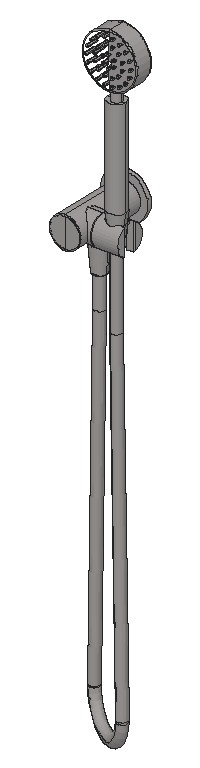
Revit family "Reece_Shower_Milli_Mood Edit_Hand Shower_With Swivel Bracket_Round", category Plumbing Fixtures, Revit 2018
Family settings
  Round Connector Dimension = Use Diameter
  Part Type = Normal
  Work Plane-Based = Yes
  Always vertical = Yes
  Cut with Voids When Loaded = Yes
  Shared = Yes
  Room Calculation Point = Yes
Parameters (values of type "PVD Brushed Gunmetal")
  URL = "https://www.reece.com.au/product/-9511838"
  Type Comments = "Shower"
  Reece_Shower_Inlet = 12 mm  # constant formula
  Reece_Product_Web Page = "https://www.reece.com.au/product/-9511838"
  Reece_Product_Type = "Shower"  # constant formula
  Reece_Product_Sub Brand = "Mood Edit"  # constant formula
  Reece_Product_Number = "9511838"
  Reece_Product_Mount = "Wall Mounted"
  Reece_Product_Description = "Milli Mood Edit Round Hand Shower with Swivel Bracket PVD Brushed Gunmetal (3 Star)"
  Reece_Product_Brand = "Milli"  # constant formula
  Reece_Overall_Width = 90 mm  # constant formula
  Reece_Overall_Projection = 100 mm  # constant formula
  Reece_Material_Main = Reece_PVD_Brushed Gunmetal
  Reece_Height_From_Level [instance] = 1200 mm
  Reece_Detail_Shape = "Round"  # constant formula
  Reece_Detail_Installation = "Hand Shower"  # constant formula
  Reece_Detail_Disclaimer = "THIS FILE IS THE PROPERTY OF THE REECE GROUP. IT MAY NOT BE REPRODUCED, REVERSE-ENGINEERED OR MODIFIED. ANY REPUBLICATION, TRANSMISSION OR DISTRIBUTION FOR THE PURPOSE OF COMMERCIALLY EXPLOITING THE FILES IS PROHIBITED."  # constant formula
  Reece_Detail_Additional = "With Swivel Bracket"  # constant formula
  Model = "Mood Edit"
  Manufacturer = "Milli"
  Keynote = "Product #9511838, Reece_Shower_Milli_Mood Edit_Hand Shower_With Swivel Bracket_Round - PVD Brushed Gunmetal"
  Handshower_Height = 210 mm  # constant formula
  Disclaimer = "THIS FILE IS THE PROPERTY OF THE REECE GROUP. IT MAY NOT BE REPRODUCED, REVERSE-ENGINEERED OR MODIFIED. ANY REPUBLICATION, TRANSMISSION OR DISTRIBUTION FOR THE PURPOSE OF COMMERCIALLY EXPLOITING THE FILES IS PROHIBITED."  # constant formula
  Description = "Milli Mood Edit Round Hand Shower with Swivel Bracket PVD Brushed Gunmetal (3 Star)"
  Default Elevation = 0 mm
Types (9, lengths in mm): name | URL | Reece_Product_Web Page | Reece_Product_Number | Reece_Product_Description | Reece_Material_Main | Keynote | Description
  Chrome | "https://www.reece.com.au/product/-4202234" | "https://www.reece.com.au/product/-4202234" | "4202234" | "Milli Mood Edit Round Hand Shower with Swivel Water Inlet Wall Bracket Chrome (3 Star)" | Reece_Brass_Chrome | "Product #4202234, Reece_Shower_Milli_Mood Edit_Hand Shower_With Swivel Bracket_Round - Chrome" | "Milli Mood Edit Round Hand Shower with Swivel Bracket Chrome (3 Star)"
  Brushed Nickel | "https://www.reece.com.au/product/-4202235" | "https://www.reece.com.au/product/-4202235" | "4202235" | "Milli Mood Edit Round Hand Shower with Swivel Water Inlet Wall Bracket Brushed Nickel (3 Star)" | Reece_Brass_Brushed Nickel | "Product #4202235, Reece_Shower_Milli_Mood Edit_Hand Shower_With Swivel Bracket_Round - Brushed Nickel" | "Milli Mood Edit Round Hand Shower with Swivel Bracket Brushed Nickel (3 Star)"
  Brushed Gunmetal | "https://www.reece.com.au/product/-4202236" | "https://www.reece.com.au/product/-4202236" | "4202236" | "Milli Mood Edit Round Hand Shower with Swivel Water Inlet Wall Bracket Brushed Gunmetal (3 Star)" | Reece_Brass_Brushed Gunmetal | "Product #4202236, Reece_Shower_Milli_Mood Edit_Hand Shower_With Swivel Bracket_Round - Brushed Gunmetal" | "Milli Mood Edit Round Hand Shower with Swivel Bracket Brushed Gunmetal (3 Star)"
  Matte Black | "https://www.reece.com.au/product/-4202237" | "https://www.reece.com.au/product/-4202237" | "4202237" | "Milli Mood Edit Round Hand Shower with Swivel Water Inlet Wall Bracket Matte Black (3 Star)" | Reece_Brass_Matte Black | "Product #4202237, Reece_Shower_Milli_Mood Edit_Hand Shower_With Swivel Bracket_Round - Matte Black" | "Milli Mood Edit Round Hand Shower with Swivel Bracket Matte Black (3 Star)"
  PVD Brushed Bronze | "https://www.reece.com.au/product/-9511164" | "https://www.reece.com.au/product/-9511164" | "9511164" | "Milli Mood Edit Round Hand Shower with Swivel Bracket PVD Brushed Bronze (3 Star)" | Reece_PVD_Brushed Bronze | "Product #9511164, Reece_Shower_Milli_Mood Edit_Hand Shower_With Swivel Bracket_Round - PVD Brushed Bronze" | "Milli Mood Edit Round Hand Shower with Swivel Bracket PVD Brushed Bronze (3 Star)"
  PVD Brushed Gold | "https://www.reece.com.au/product/-9510979" | "https://www.reece.com.au/product/-9510979" | "9510979" | "Milli Mood Edit Round Hand Shower with Swivel Bracket PVD Brushed Gold (3 Star)" | Reece_PVD_Brushed Gold | "Product #9510979, Reece_Shower_Milli_Mood Edit_Hand Shower_With Swivel Bracket_Round - PVD Brushed Gold" | "Milli Mood Edit Round Hand Shower with Swivel Bracket PVD Brushed Gold (3 Star)"
  PVD Brushed Gunmetal | "https://www.reece.com.au/product/-9511838" | "https://www.reece.com.au/product/-9511838" | "9511838" | "Milli Mood Edit Round Hand Shower with Swivel Bracket PVD Brushed Gunmetal (3 Star)" | Reece_PVD_Brushed Gunmetal | "Product #9511838, Reece_Shower_Milli_Mood Edit_Hand Shower_With Swivel Bracket_Round - PVD Brushed Gunmetal" | "Milli Mood Edit Round Hand Shower with Swivel Bracket PVD Brushed Gunmetal (3 Star)"
  PVD Brushed Nickel | "https://www.reece.com.au/product/-9511653" | "https://www.reece.com.au/product/-9511653" | "9511653" | "Milli Mood Edit Round Hand Shower with Swivel Bracket PVD Brushed Nickel (3 Star)" | Reece_PVD_Brushed Nickel | "Product #9511653, Reece_Shower_Milli_Mood Edit_Hand Shower_With Swivel Bracket_Round - PVD Brushed Nickel" | "Milli Mood Edit Round Hand Shower with Swivel Bracket PVD Brushed Nickel (3 Star)"
  PVD Matte Black | "https://www.reece.com.au/product/-9511468" | "https://www.reece.com.au/product/-9511468" | "9511468" | "Milli Mood Edit Round Hand Shower with Swivel Bracket PVD Matte Black (3 Star)" | Reece_PVD_Matte Black | "Product #9511468, Reece_Shower_Milli_Mood Edit_Hand Shower_With Swivel Bracket_Round - PVD Matte Black" | "Milli Mood Edit Round Hand Shower with Swivel Bracket PVD Matte Black (3 Star)"
Reference planes
  plane 1 "Center (Front/Back)": y = 0
  plane 2 "Height From Floor": z = 1200
  plane 3 "Center (Left/Right)": x = 0
  plane 4 "Bottom Of Invisible Line": z = -5
  plane 5: y = 0
  plane 6 "Handle Centre": y = -71
  plane 7 "Handshower Centre": x = 43
  plane 8: z = 1439
  plane 9 "Inlet Point": y = -45
  plane 10: z = 1402
  plane 11: z = 1365
  plane 12: z = 1229
  plane 13: z = 1355
  plane 14: y = -100
  plane 15: x = -30
  plane 16: x = 60
Forms (mm)
  Revolve 1, solid, material "Reece_PVD_Brushed Gunmetal" <- "Reece_Material_Main"
    sketch origin (0, 0, 0) x (0, 1, 0) y (0, 0, 1)
      loop
        line (0, 1207.5) -> (0, 1230) -> (-5, 1230) -> (-5, 1220) -> (-99.5, 1220)
        arc (-99.5, 1220) -> (-99.854, 1219.854) -> (-100, 1219.5) r 0.5
        line (-100, 1219.5) -> (-100, 1200) -> (-30, 1200) -> (-30, 1207.5) -> (0, 1207.5)
      axis (0, 1200) -> (-100, 1200)
    angle from 0 to 360
  Revolve 2, solid, material "Reece_PVD_Brushed Gunmetal" <- "Reece_Material_Main"
    sketch origin (0, -71, 0) x (1, 0, 0) y (0, 0, 1)
      loop
        line (5, 1200) -> (60, 1200) -> (60, 1219) -> (26, 1219) -> (26, 1218) -> (25, 1218) -> (25, 1219) -> (5, 1219) -> (5, 1200)
      axis (5, 1200) -> (60, 1200)
    angle from 0 to 360
  Revolve 3, solid, material "Reece_PVD_Brushed Gunmetal" <- "Reece_Material_Main"
    sketch origin (0, -71, 0) x (1, 0, 0) y (0, 0, 1)
      loop
        line (54.5, 1229) -> (54.5, 1355) -> (49.25, 1355) -> (49.25, 1402) -> (43, 1402) -> (43, 1229) -> (54.5, 1229)
      axis (43, 1229) -> (43, 1402)
    angle from 0 to 360
  Revolve 4, solid, material "Reece_PVD_Brushed Gunmetal" <- "Reece_Material_Main"
    sketch origin (43, 0, 2) x (0, 0, -1) y (0, -1, 0)
      loop
        line (-1402, 59.5) -> (-1402, 83.392)
        arc (-1402, 83.392) -> (-1419.006, 83.169) -> (-1436, 82.5) r 648.39
        arc (-1436, 82.5) -> (-1436.707, 82.207) -> (-1437, 81.5) r 1
        line (-1437, 81.5) -> (-1437, 60.5)
        arc (-1437, 60.5) -> (-1436.707, 59.793) -> (-1436, 59.5) r 1
        line (-1436, 59.5) -> (-1402, 59.5)
      axis (-1402, 83.392) -> (-1402, 59.5)
    angle from 0 to 360
  Revolve 5, solid, material "Reece_PVD_Brushed Gunmetal" <- "Reece_Material_Main"
    sketch origin (0, -45, 0) x (1, 0, 0) y (0, 0, 1)
      loop
        line (-10.5, 1166) -> (-10.5, 1165) -> (-11.5, 1165) -> (-9.068, 1131.927)
        arc (-9.068, 1131.927) -> (-8.752, 1131.267) -> (-8.071, 1131) r 1
        line (-8.071, 1131) -> (0, 1131) -> (0, 1200) -> (-11.5, 1200) -> (-11.5, 1166) -> (-10.5, 1166)
      axis (0, 1200) -> (0, 1131)
    angle from 0 to 360
  Revolve 6, void
    sketch origin (0, -71, 0) x (1, 0, 0) y (0, 0, 1)
      loop
        line (54.928, 1220.963) -> (43, 1220.963) -> (43, 1176.21) -> (53.064, 1176.21) -> (53.064, 1194.858) -> (54.928, 1220.963)
      axis (43, 1176.21) -> (43, 1220.963)
    angle from 0 to 360
  Extrusion 7, void
    sketch origin (0, 0, 1200) x (1, 0, 0) y (0, 1, 0)
      loop
        line (43, -77.249) -> (58, -79) -> (60, -81) -> (60, -61) -> (58, -63) -> (43, -64.751) -> (43, -77.249)
    from -34 to 29
  Extrusion 8, solid, material "Reece_PVD_Brushed Gunmetal" <- "Reece_Material_Main", detail levels fine
    sketch origin (0, -71, 2) x (1, 0, 0) y (0, 0, 1)
      loop
        circle (43, 1410) r 1.5
      loop
        circle (36.072, 1406) r 1.5
      loop
        circle (25.613, 1406.659) r 1.5
      loop
        circle (30.272, 1414.728) r 1.5
      loop
        circle (38.341, 1419.387) r 1.5
      loop
        circle (15, 1402) r 1.5
      loop
        circle (16.689, 1411.577) r 1.5
      loop
        circle (21.551, 1419.998) r 1.5
      loop
        circle (29, 1426.249) r 1.5
      loop
        circle (38.138, 1429.575) r 1.5
      loop
        circle (49.928, 1406) r 1.5
      loop
        circle (60.387, 1406.659) r 1.5
      loop
        circle (55.728, 1414.728) r 1.5
      loop
        circle (47.659, 1419.387) r 1.5
      loop
        circle (71, 1402) r 1.5
      loop
        circle (69.311, 1411.577) r 1.5
      loop
        circle (64.449, 1419.998) r 1.5
      loop
        circle (57, 1426.249) r 1.5
      loop
        circle (47.862, 1429.575) r 1.5
      loop
        circle (43, 1394) r 1.5
      loop
        circle (36.072, 1398) r 1.5
      loop
        circle (25.613, 1397.341) r 1.5
      loop
        circle (30.272, 1389.272) r 1.5
      loop
        circle (38.341, 1384.613) r 1.5
      loop
        circle (16.689, 1392.423) r 1.5
      loop
        circle (21.551, 1384.002) r 1.5
      loop
        circle (29, 1377.751) r 1.5
      loop
        circle (38.138, 1374.425) r 1.5
      loop
        circle (49.928, 1398) r 1.5
      loop
        circle (60.387, 1397.341) r 1.5
      loop
        circle (55.728, 1389.272) r 1.5
      loop
        circle (47.659, 1384.613) r 1.5
      loop
        circle (69.311, 1392.423) r 1.5
      loop
        circle (64.449, 1384.002) r 1.5
      loop
        circle (57, 1377.751) r 1.5
      loop
        circle (47.862, 1374.425) r 1.5
    from 0 to 14.099
  Revolve 9, solid, material "Reece_PVD_Brushed Gunmetal" <- "Reece_Material_Main"
    sketch origin (0, -71, 0) x (1, 0, 0) y (0, 0, 1)
      loop
        line (43, 1200) -> (51.069, 1200)
        arc (51.069, 1200) -> (51.75, 1200.268) -> (52.066, 1200.929) r 1
        line (52.066, 1200.929) -> (53.237, 1213.964) -> (50.75, 1213.964) -> (50.75, 1214.964) -> (53.327, 1214.964) -> (54.587, 1229) -> (43, 1229) -> (43, 1200)
      axis (43, 1229) -> (43, 1200)
    angle from 0 to 360
  Sweep 10, solid, material "Reece_PVD_Brushed Gunmetal" <- "Reece_Material_Main"
    path origin (-592.809, 313.443, 0) x (0.855732, -0.517419, 0) y (0, 0, 1)
      loop
        line (743, 1200) -> (743, 1089.414)
        arc (743, 1089.414) -> (746.795, 870.733) -> (758.175, 652.316) r 6302.616
        arc (758.175, 652.316) -> (758.219, 651.339) -> (758.215, 650.361) r 20
        arc (758.215, 650.361) -> (717.9, 611.174) -> (677.585, 650.361) r 40.331
        arc (677.585, 650.361) -> (677.581, 651.339) -> (677.625, 652.316) r 20
        arc (677.625, 652.316) -> (689.005, 870.733) -> (692.8, 1089.414) r 6302.616
        line (692.8, 1089.414) -> (692.8, 1200)
    profile origin (43, -71, 1144.707) x (-0.517419, -0.855732, 0) y (0.855732, -0.517419, 0)
      loop
        circle (0, 0) r 6.509
  Extrusion 11, void
    sketch origin (0, -71, 2) x (1, 0, 0) y (0, 0, 1)
      loop
        circle (43, 1410) r 1.5
      loop
        circle (36.072, 1406) r 1.5
      loop
        circle (25.613, 1406.659) r 1.5
      loop
        circle (30.272, 1414.728) r 1.5
      loop
        circle (38.341, 1419.387) r 1.5
      loop
        circle (15, 1402) r 1.5
      loop
        circle (16.689, 1411.577) r 1.5
      loop
        circle (21.551, 1419.998) r 1.5
      loop
        circle (29, 1426.249) r 1.5
      loop
        circle (38.138, 1429.575) r 1.5
      loop
        circle (49.928, 1406) r 1.5
      loop
        circle (60.387, 1406.659) r 1.5
      loop
        circle (55.728, 1414.728) r 1.5
      loop
        circle (47.659, 1419.387) r 1.5
      loop
        circle (71, 1402) r 1.5
      loop
        circle (69.311, 1411.577) r 1.5
      loop
        circle (64.449, 1419.998) r 1.5
      loop
        circle (57, 1426.249) r 1.5
      loop
        circle (47.862, 1429.575) r 1.5
      loop
        circle (43, 1394) r 1.5
      loop
        circle (36.072, 1398) r 1.5
      loop
        circle (25.613, 1397.341) r 1.5
      loop
        circle (30.272, 1389.272) r 1.5
      loop
        circle (38.341, 1384.613) r 1.5
      loop
        circle (16.689, 1392.423) r 1.5
      loop
        circle (21.551, 1384.002) r 1.5
      loop
        circle (29, 1377.751) r 1.5
      loop
        circle (38.138, 1374.425) r 1.5
      loop
        circle (49.928, 1398) r 1.5
      loop
        circle (60.387, 1397.341) r 1.5
      loop
        circle (55.728, 1389.272) r 1.5
      loop
        circle (47.659, 1384.613) r 1.5
      loop
        circle (69.311, 1392.423) r 1.5
      loop
        circle (64.449, 1384.002) r 1.5
      loop
        circle (57, 1377.751) r 1.5
      loop
        circle (47.862, 1374.425) r 1.5
    from 0 to 14.099
Cuts and joins
  Revolve 6, Extrusion 7 cuts Revolve 2
  joined: Revolve 1, Revolve 2, Revolve 5, Revolve 9, Sweep 10
  Extrusion 11 cuts Revolve 4
  joined: Revolve 3, Revolve 4
Lines and regions (mm)
  model lines, style "InvisibleLines"
    curve 1: line (0, 0, -5) -> (0, 0, 1200)
  model lines
    curve 2: line (43, -71, 1402) -> (20.956, -71, 1402)
Text (mm)
  text "Reece ©" at (2739.743, -2522.492, 2754.578), in view "Reece Preview"
  text "Reece Copyright © 2018, Reece Ltd." at (-289.494, -398.03, 0), in view "Ref. Level"
Dimensions and locks
  locked: level to plane 4 "Bottom Of Invisible Line" at 5
  "Reece_Height_From_Level": plane 2 "Height From Floor" to level
  locked: Revolve 1 sketch curve to Revolve 1 sketch curve at 20
  plane 8 to plane 10 to plane 11 to plane 13 to plane 12 to plane 2 "Height From Floor" = 37 mm locked, 37 mm locked, 10 mm locked, 126 mm locked, 29 mm locked
  plane 8 to plane 12 = 210 mm  (x2)
  Revolve 3 to Revolve 3 = 23 mm
  plane 12 to plane 2 "Height From Floor" = 29 mm
  cut or joined group of Revolve 1, Revolve 2, Revolve 5, Revolve 6, Extrusion 7, Revolve 9, Sweep 10 to cut or joined group of Revolve 1, Revolve 2, Revolve 5, Revolve 6, Extrusion 7, Revolve 9, Sweep 10 = 60 mm
  cut or joined group of Revolve 1, Revolve 2, Revolve 5, Revolve 6, Extrusion 7, Revolve 9, Sweep 10 to cut or joined group of Revolve 1, Revolve 2, Revolve 5, Revolve 6, Extrusion 7, Revolve 9, Sweep 10 = 40 mm
  "Handshower_Height": plane 8 to cut or joined group of Revolve 3, Revolve 4, Extrusion 11
  "Reece_Overall_Projection": cut or joined group of Revolve 1, Revolve 2, Revolve 5, Revolve 6, Extrusion 7, Revolve 9, Sweep 10 to plane 14
  "Reece_Overall_Width": plane 15 to cut or joined group of Revolve 1, Revolve 2, Revolve 5, Revolve 6, Extrusion 7, Revolve 9, Sweep 10
  aligned and locked: plane 2 "Height From Floor" to curve 1
  aligned and locked: plane 4 "Bottom Of Invisible Line" to curve 1
  aligned and locked: plane 3 "Center (Left/Right)" to curve 1
  aligned and locked: Revolve 1 sketch curve to plane 2 "Height From Floor"  (x2)
  aligned and locked: Revolve 2 sketch curve to plane 2 "Height From Floor"
  aligned and locked: Revolve 5 sketch curve to curve 1
  aligned and locked: plane 10 to Revolve 3 sketch curve
  aligned and locked: Revolve 5 sketch curve to plane 2 "Height From Floor"
  aligned and locked: plane 7 "Handshower Centre" to Revolve 9 sketch curve  (x2)
  aligned and locked: Revolve 9 sketch curve to plane 2 "Height From Floor"
  aligned and locked: Revolve 3 to plane 10
  aligned and locked: Revolve 3 to plane 13
  aligned and locked: Revolve 3 sketch curve to Revolve 9
  aligned and locked: plane 12 to Revolve 9
  aligned and locked: plane 12 to Revolve 3
Automatic sketch dimensions
  Revolve 1 sketch curve to plane 14 = 0 mm
  Revolve 1 sketch curve to plane 1 "Center (Front/Back)" = 0 mm  (x2)
  plane 14 to Revolve 1 sketch curve = 0.5 mm
  Revolve 1 sketch curve to plane 9 "Inlet Point" = 15 mm
  plane 1 "Center (Front/Back)" to Revolve 1 sketch curve = 5 mm
  Revolve 1 sketch curve to Revolve 1 sketch curve = 7.5 mm
  plane 12 to Revolve 1 sketch curve = 1 mm
  Revolve 1 sketch curve to plane 14 = 170 mm
  Revolve 2 sketch curve to plane 3 "Center (Left/Right)" = 0 mm
  Revolve 2 sketch curve to plane 2 "Height From Floor" = 0 mm
  plane 16 to Revolve 2 sketch curve = 0 mm
  plane 3 "Center (Left/Right)" to Revolve 2 sketch curve = 5 mm
  plane 7 "Handshower Centre" to Revolve 2 sketch curve = 18 mm
  Revolve 2 sketch curve to Revolve 2 sketch curve = 1 mm
  Revolve 2 sketch curve to plane 12 = 11 mm
  Revolve 2 sketch curve to plane 12 = 10 mm  (x2)
  Revolve 2 sketch curve to Revolve 2 sketch curve = 85 mm
  Revolve 3 sketch curve to plane 7 "Handshower Centre" = 0 mm
  plane 7 "Handshower Centre" to Revolve 3 sketch curve = 0 mm
  Revolve 3 sketch curve to plane 13 = 0 mm
  Revolve 3 sketch curve to plane 7 "Handshower Centre" = 6.25 mm
  Revolve 3 sketch curve to Revolve 3 sketch curve = 5.25 mm
  plane 8 to Revolve 3 sketch curve = 296 mm
  Revolve 3 sketch curve to Revolve 3 sketch curve = 179 mm
  Revolve 4 sketch curve to plane 8 = 0 mm
  Revolve 4 sketch curve to plane 8 = 1 mm  (x2)
  Revolve 4 sketch curve to plane 10 = 2 mm  (x2)
  Revolve 4 sketch curve to plane 1 "Center (Front/Back)" = 564.998 mm
  Revolve 4 sketch curve to plane 6 "Handle Centre" = 11.5 mm
  plane 6 "Handle Centre" to Revolve 4 sketch curve = 10.5 mm
  Revolve 4 sketch curve to plane 9 "Inlet Point" = 15 mm
  plane 14 to Revolve 4 sketch curve = 5 mm
  Revolve 5 sketch curve to plane 3 "Center (Left/Right)" = 0 mm
  Revolve 5 sketch curve to plane 2 "Height From Floor" = 0 mm
  Revolve 5 sketch curve to plane 3 "Center (Left/Right)" = 8.071 mm
  Revolve 5 sketch curve to Revolve 5 sketch curve = 0.997 mm
  Revolve 5 sketch curve to plane 3 "Center (Left/Right)" = 10.5 mm
  Revolve 5 sketch curve to Revolve 5 sketch curve = 1 mm  (x2)
  Revolve 5 sketch curve to plane 3 "Center (Left/Right)" = 11.5 mm
  Revolve 5 sketch curve to plane 2 "Height From Floor" = 34 mm
  Revolve 5 sketch curve to Revolve 5 sketch curve = 33 mm
  Revolve 5 sketch curve to Revolve 5 sketch curve = 0.073 mm
  Revolve 5 sketch curve to Revolve 5 sketch curve = 11 mm
  plane 7 "Handshower Centre" to Revolve 6 sketch curve = 0 mm  (x2)
  plane 16 to Revolve 6 sketch curve = 6.936 mm
  plane 16 to Revolve 6 sketch curve = 5.072 mm
  Revolve 6 sketch curve to plane 2 "Height From Floor" = 23.79 mm
  Revolve 6 sketch curve to plane 2 "Height From Floor" = 5.142 mm
  Revolve 6 sketch curve to plane 12 = 8.037 mm
  Revolve 6 sketch curve to Revolve 6 sketch curve = 7.21 mm
  Revolve 6 sketch curve to plane 11 = 14 mm
  Extrusion 7 sketch curve to plane 7 "Handshower Centre" = 0 mm
  Extrusion 7 sketch curve to plane 16 = 0 mm
  plane 16 to Extrusion 7 sketch curve = 2 mm  (x2)
  plane 6 "Handle Centre" to Extrusion 7 sketch curve = 10 mm
  Extrusion 7 sketch curve to Extrusion 7 sketch curve = 2 mm  (x2)
  plane 6 "Handle Centre" to Extrusion 7 sketch curve = 6.249 mm
  Extrusion 7 sketch curve to plane 6 "Handle Centre" = 6.249 mm
  Extrusion 7 sketch curve to plane 6 "Handle Centre" = 8 mm
  curve 2 to plane 10 = 0 mm
  plane 7 "Handshower Centre" to curve 2 = 0 mm
  plane 3 "Center (Left/Right)" to curve 2 = 20.956 mm
  plane 7 "Handshower Centre" to Extrusion 8 sketch curve = 0 mm  (x2)
  plane 7 "Handshower Centre" to Extrusion 8 sketch curve = 4.659 mm  (x2)
  plane 7 "Handshower Centre" to Extrusion 8 sketch curve = 4.862 mm  (x2)
  plane 10 to Extrusion 8 sketch curve = 2 mm  (x2)
  plane 7 "Handshower Centre" to Extrusion 8 sketch curve = 6.928 mm  (x2)
  Extrusion 8 sketch curve to Extrusion 8 sketch curve = 8.069 mm  (x5)
  Extrusion 8 sketch curve to Extrusion 8 sketch curve = 9.138 mm  (x2)
  plane 10 to Extrusion 8 sketch curve = 2.659 mm  (x2)
  Extrusion 8 sketch curve to Extrusion 8 sketch curve = 4.659 mm  (x4)
  Extrusion 8 sketch curve to Extrusion 8 sketch curve = 7.449 mm  (x2)
  Extrusion 8 sketch curve to Extrusion 8 sketch curve = 4.862 mm  (x2)
  Extrusion 8 sketch curve to plane 10 = 2 mm  (x2)
  Extrusion 8 sketch curve to Extrusion 8 sketch curve = 1.689 mm  (x2)
  Extrusion 8 sketch curve to plane 7 "Handshower Centre" = 4.659 mm  (x2)
  Extrusion 8 sketch curve to plane 7 "Handshower Centre" = 4.862 mm  (x2)
  Extrusion 8 sketch curve to plane 7 "Handshower Centre" = 6.928 mm  (x2)
  plane 16 to Extrusion 8 sketch curve = 4.272 mm  (x2)
  plane 16 to Extrusion 8 sketch curve = 3 mm  (x2)
  Extrusion 8 sketch curve to plane 16 = 0.387 mm  (x2)
  Extrusion 8 sketch curve to plane 16 = 4.449 mm  (x2)
  Extrusion 8 sketch curve to plane 16 = 9.311 mm  (x2)
  plane 10 to Extrusion 8 sketch curve = 6 mm
  plane 10 to Extrusion 8 sketch curve = 7.577 mm  (x2)
  Extrusion 8 sketch curve to Extrusion 8 sketch curve = 8.728 mm
  Extrusion 8 sketch curve to Extrusion 8 sketch curve = 0 mm  (x3)
  Extrusion 8 sketch curve to Extrusion 8 sketch curve = 8.421 mm  (x4)
  Extrusion 8 sketch curve to Extrusion 8 sketch curve = 6.251 mm  (x4)
  Extrusion 8 sketch curve to Extrusion 8 sketch curve = 3.326 mm
  Extrusion 8 sketch curve to plane 10 = 6 mm  (x2)
  Extrusion 8 sketch curve to plane 10 = 6.659 mm  (x2)
  Extrusion 8 sketch curve to Extrusion 8 sketch curve = 4 mm
  Extrusion 8 sketch curve to Extrusion 8 sketch curve = 9.577 mm  (x2)
  Extrusion 8 sketch curve to plane 8 = 7.425 mm  (x2)
  Revolve 9 sketch curve to plane 12 = 0 mm
  Revolve 9 sketch curve to plane 7 "Handshower Centre" = 7.75 mm
  Revolve 9 sketch curve to Revolve 9 sketch curve = 8.069 mm
  plane 2 "Height From Floor" to Revolve 9 sketch curve = 0.929 mm
  Revolve 9 sketch curve to Revolve 9 sketch curve = 0.997 mm
  Revolve 9 sketch curve to Revolve 9 sketch curve = 2.486 mm
  Revolve 9 sketch curve to Revolve 9 sketch curve = 0.09 mm
  plane 16 to Revolve 9 sketch curve = 5.413 mm
  Revolve 9 sketch curve to Revolve 9 sketch curve = 12.964 mm
  Revolve 9 sketch curve to Revolve 9 sketch curve = 1 mm
  Revolve 9 sketch curve to plane 2 "Height From Floor" = 26 mm
  plane 13 to Revolve 9 sketch curve = 62 mm
  Sweep 10 sketch curve to plane 2 "Height From Floor" = 0 mm  (x2)
  Sweep 10 sketch curve to plane 2 "Height From Floor" = 110.586 mm  (x2)
  Sweep 10 sketch curve to Sweep 10 sketch curve = 6302.616 mm  (x2)
  Sweep 10 sketch curve to Sweep 10 sketch curve = 4.777 mm
  Sweep 10 sketch curve to Sweep 10 sketch curve = 20.323 mm  (x2)
  Sweep 10 sketch curve to Sweep 10 sketch curve = 50.2 mm
  Sweep 10 sketch curve to Sweep 10 sketch curve = 437.908 mm
  Sweep 10 sketch curve to Sweep 10 sketch curve = 0.577 mm  (x2)
  Sweep 10 sketch curve to Sweep 10 sketch curve = 0.04 mm
  Sweep 10 sketch curve to Sweep 10 sketch curve = 0 mm  (x2)
  Sweep 10 sketch curve to profile plane = 0 mm
  profile plane to Sweep 10 sketch curve = 0 mm
  plane 7 "Handshower Centre" to Extrusion 11 sketch curve = 0 mm  (x2)
  plane 7 "Handshower Centre" to Extrusion 11 sketch curve = 4.659 mm  (x2)
  plane 7 "Handshower Centre" to Extrusion 11 sketch curve = 4.862 mm  (x2)
  plane 10 to Extrusion 11 sketch curve = 2 mm  (x2)
  plane 7 "Handshower Centre" to Extrusion 11 sketch curve = 6.928 mm  (x2)
  Extrusion 11 sketch curve to Extrusion 11 sketch curve = 8.069 mm  (x5)
  Extrusion 11 sketch curve to Extrusion 11 sketch curve = 9.138 mm  (x2)
  plane 10 to Extrusion 11 sketch curve = 2.659 mm  (x2)
  Extrusion 11 sketch curve to Extrusion 11 sketch curve = 4.659 mm  (x4)
  Extrusion 11 sketch curve to Extrusion 11 sketch curve = 7.449 mm  (x2)
  Extrusion 11 sketch curve to Extrusion 11 sketch curve = 4.862 mm  (x2)
  Extrusion 11 sketch curve to plane 10 = 2 mm  (x2)
  Extrusion 11 sketch curve to Extrusion 11 sketch curve = 1.689 mm  (x2)
  Extrusion 11 sketch curve to plane 7 "Handshower Centre" = 4.659 mm  (x2)
  Extrusion 11 sketch curve to plane 7 "Handshower Centre" = 4.862 mm  (x2)
  Extrusion 11 sketch curve to plane 7 "Handshower Centre" = 6.928 mm  (x2)
  plane 16 to Extrusion 11 sketch curve = 4.272 mm  (x2)
  plane 16 to Extrusion 11 sketch curve = 3 mm  (x2)
  Extrusion 11 sketch curve to plane 16 = 0.387 mm  (x2)
  Extrusion 11 sketch curve to plane 16 = 4.449 mm  (x2)
  Extrusion 11 sketch curve to plane 16 = 9.311 mm  (x2)
  plane 10 to Extrusion 11 sketch curve = 6 mm
  plane 10 to Extrusion 11 sketch curve = 7.577 mm  (x2)
  Extrusion 11 sketch curve to Extrusion 11 sketch curve = 8.728 mm
  Extrusion 11 sketch curve to Extrusion 11 sketch curve = 0 mm  (x3)
  Extrusion 11 sketch curve to Extrusion 11 sketch curve = 8.421 mm  (x4)
  Extrusion 11 sketch curve to Extrusion 11 sketch curve = 6.251 mm  (x4)
  Extrusion 11 sketch curve to Extrusion 11 sketch curve = 3.326 mm
  Extrusion 11 sketch curve to plane 10 = 6 mm  (x2)
  Extrusion 11 sketch curve to plane 10 = 6.659 mm  (x2)
  Extrusion 11 sketch curve to Extrusion 11 sketch curve = 4 mm
  Extrusion 11 sketch curve to Extrusion 11 sketch curve = 9.577 mm  (x2)
  Extrusion 11 sketch curve to plane 8 = 7.425 mm  (x2)
  radius of Extrusion 8 sketch curve = 1.5 mm  (x36)
  radius of Sweep 10 sketch curve = 6.509 mm
  radius of Extrusion 11 sketch curve = 1.5 mm  (x36)
Connectors
  piping at (0, 0, 1200), diameter 12, driven by "Reece_Shower_Inlet"
    settings: on cut or joined group of Revolve 1, Revolve 2, Revolve 5, Revolve 6, Extrusion 7, Revolve 9, Sweep 10, index 1, connector inside diameter 609.6 mm, connector length 0 mm, flow factor 0, pipe flow 0.0 L/s, pressure drop 0.0 Pa, fitting loss kfactor 0, connector angle 0.00°, fixture units 0, engagement length 0 mm, angle of deflection 0.00°, flow configuration 0, flow direction 1, fitting loss method 0, system type 29, joint type 0, gender type 0, connector reference index -1, connector utility 0, adjustable connector no, is connector primary yes, connector description ""
